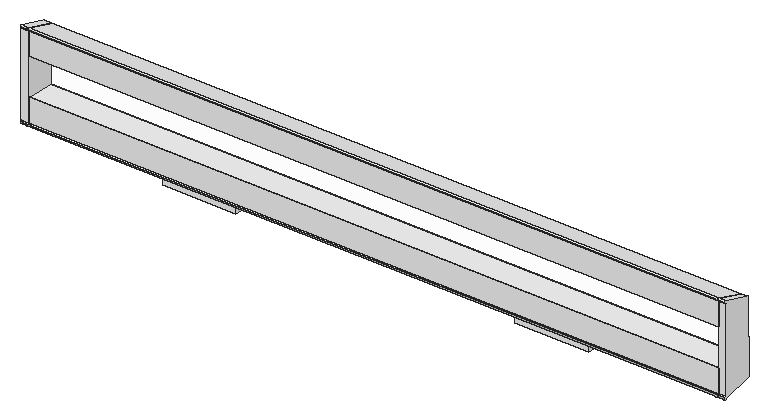
Revit family "SAE101-W", category Lighting Fixtures, host Face, Revit 2014
Parameters (values of type "SAE101-W-04")
  zz YesNo 1 = no
  zz Length 2 = 1' - 0"
  Wattage = 4 W
  Warranty = "5-Years Warranty"
  built-in parameter 1150110 = 1 (stored number, unit not read)
  Voltage = 120 V
  Type Comments = "Lighting FIxture"  # constant formula
  built-in parameter 1114217 = 1 (stored number, unit not read)
  Tilt Angle = -90.00°
  built-in parameter 1150109 = 1 (stored number, unit not read)
  built-in parameter 1150134 = (empty or 0)
  built-in parameter 1150113 = 1 (stored number, unit not read)
  Product Page URL = "https://www.hubbell.com/hubbelllightingci/en/Products/Lighting-Controls/Commercial-Indoor-Lighting/Wall-Mount/SAE101-Linear-Wall-IndirectDirect/p/2333029"
  Product Documentation Link = "https://hubbellcdn.com/specsheet/sae101_wall.pdf"
  Power Factor = 1
  Photometric Web File = "SAE101-W-ID-STD-4-SOF-CX-35K-I050-D040.ies"
  Photometric Notes = "More IES files download on Photometric Web Link"  # constant formula
  Photometric Link = "https://www.hubbell.com/hubbelllightingci/en/Products/Lighting-Controls/Commercial-Indoor-Lighting/Wall-Mount/SAE101-Linear-Wall-IndirectDirect/p/2333029"
  zz Length 1 = 4' - 0"
  Wattage Comments = "133 lumens/watt"  # constant formula
  URL = "http://www.litecontrol.com/"
  Mounting = "Wall Mount"  # constant formula
  Model = "SAE101-W"  # constant formula
  Manufacturer = "Litecontrol Lighting"  # constant formula
  built-in parameter 1150105 = 39.789 (stored number, unit not read)
  Lumens = 500 lm
  built-in parameter 1150115 = 1 (stored number, unit not read)
  Load Classification = Lighting
  built-in parameter 1150137 = (empty or 0)
  built-in parameter 1150139 = (empty or 0)
  built-in parameter 1150112 = 1 (stored number, unit not read)
  built-in parameter 1150114 = 1 (stored number, unit not read)
  Lamp = "LED's"  # constant formula
  built-in parameter 1150132 = (empty or 0)
  built-in parameter 1150102 = (empty or 0)
  built-in parameter 1150107 = 3500 (stored number, unit not read)
  built-in parameter 1150138 = (empty or 0)
  built-in parameter 1150106 = 0.39789 (stored number, unit not read)
  Glass = Hubbell - White Glass
  Fixture Distribution = "Indirect/Direct"  # constant formula
  Emit from Rectangle Width = 0' - 4"  # constant formula
  Emit from Rectangle Length = zz Length 1 - 0' 2"  # 3' - 10"
  Emit Shape Visible in Rendering = no
  built-in parameter 1150104 = 11.613 (stored number, unit not read)
  Downlight Diffuser = "Soft Glow Lens"  # constant formula
  Dimming Lamp Color Temperature Shift = <None>
  Description = "Linear Wall Indirect/Direct"  # constant formula
  Default Elevation = 4' - 0"
  Create Date = "05/03/2018"  # constant formula
  Copyright = "Copyright © 2018 Litecontrol"  # constant formula
  Contact Us = "https://www.hubbell.com/litecontrol/en/contactUs?productId=2644187"
  Color Filter = 16777215
  Circuiting = "1 Circuit/2 Circuit - Uplight/Downlight"  # constant formula
  built-in parameter 1114218 = 1 (stored number, unit not read)
  Housing Material = Paint - Hubbell - Matte White
  built-in parameter 1150133 = 10 (stored number, unit not read)
  Assembly Code = "D5020200"
  Apparent Load = 0 VA
Types (6): name | zz YesNo 1 | zz Length 2 | zz Length 1 | Emit from Rectangle Length
  (no name) | no | 1' - 0" | 4' - 0" | 3' - 10"
  SAE101-W-04 | no | 1' - 0" | 4' - 0" | 3' - 10"
  SAE101-W-02 | yes | 0' - 6" | 2' - 0" | 1' - 10"
  SAE101-W-03 | no | 0' - 6" | 3' - 0" | 2' - 10"
  SAE101-W-06 | no | 1' - 0" | 6' - 0" | 5' - 10"
  SAE101-W-08 | no | 1' - 0" | 8' - 0" | 7' - 10"
Reference planes (in)
  plane 1 "Center (Front/Back)": y = 13.01342
  plane 2: z = 0
  plane 3 "Center (Left/Right)": x = 0
Dimensions and locks (in)
  aligned and locked: plane 2 to host face
  aligned and locked: level to host face
  aligned and locked: plane 3 "Center (Left/Right)" to imposter light
  aligned and locked: plane 1 "Center (Front/Back)" to imposter light
  aligned and locked: nested 1 to plane 2
  aligned and locked: imposter light to nested 1
  aligned and locked: plane 3 "Center (Left/Right)" to nested 1
Nested families (in)
  nested 1: "101-W" at (-0.01104, 14.01342, 3.46001) x (1, 0, 0) z (0, -1, 0), Glass <- "Glass", Backbox <- "Housing Material", Length <- "zz Length 1", type "101-W"
    with zz Length 3 0' - 5", Length 4' - 0", Glass Hubbell - White Glass, Backbox Paint - Hubbell - Matte White, zz Length 2 1' - 0"
Connectors (in)
  electrical at (0, 13.05313, 0.77879), driven by "Load Classification", driven by "Voltage", driven by "Apparent Load", driven by "Power Factor"
    settings: on nested 1, index 1, voltage 120 V, apparent load 0 VA, apparent load phase1 0 VA, apparent load phase2 0 VA, apparent load phase3 0 VA, power factor 1, load classification "Lighting", number of poles 1, system type 30, power factor state 1, is connector primary yes, connector utility no, sub classification motor no, connector description "Electrical Connector"
Definition of nested family "101-W"
  Parameters (values of type "101-W")
    zz YesNo 2 = no
    zz YesNo 1 = not(zz YesNo 2)  # yes
    zz Length 3 [instance] = 0' - 5"
    zz Length 2 = 0' - 6"
    Wattage Comments = ""
    URL = ""
    Model = ""
    Manufacturer = ""
    Length [instance] = 4' - 0"
    Lamp = ""
    Glass [instance] = none
    Description = ""
    Default Elevation = 4' - 0"
    Backbox [instance] = none
    Apparent Load = 0 VA
  Reference planes (in)
    plane 1 "Center (Front/Back)": y = 0.03999
    plane 2: z = 0
    plane 3 "Center (Left/Right)": x = 0.01104
    plane 4: z = 2
    plane 5: z = 1.875
    plane 6: x = -23.98896
    plane 7: x = 24.01104
    plane 8: x = -23.48896
    plane 9: x = 23.51104
    plane 10: y = 1.28999
    plane 11: y = -1.21001
    plane 12: z = 0.125
    plane 13: y = -2.96001
    plane 14: y = 3.03999
    plane 15: y = 2.91499
    plane 16: y = -2.83501
    plane 17: y = -3.46001
    plane 18: x = -17.98896
    plane 19: x = -15.48896
    plane 20: x = -20.48896
    plane 21: x = 18.01104
    plane 22: x = 15.51104
    plane 23: x = 20.51104
    plane 24: x = 2.51104
    plane 25: x = -2.48896
  Forms (in)
    Extrusion 1, solid
      sketch origin (0, 0, 0.06357) x (1, 0, 0) y (0, 1, 0)
        loop
          line (-48, 48) -> (-48, -48) -> (48, -48) -> (48, 48) -> (-48, 48)
      from -0.06357 to -12.81105
    Extrusion 2, solid, material <- "Backbox"
      sketch origin (23.51104, -180, 29.46954) x (0, 0, 1) y (0, -1, 0)
        loop
          line (-29.46954, -182.48405) -> (-27.54897, -183.03835)
          arc (-27.54897, -183.03835) -> (-27.47937, -183.01257) -> (-27.48349, -182.93845) r 0.0625
          line (-27.48349, -182.93845) -> (-27.55342, -182.85397) -> (-27.55342, -177.22601) -> (-27.48349, -177.14153)
          arc (-27.48349, -177.14153) -> (-27.47937, -177.06742) -> (-27.54897, -177.04163) r 0.0625
          line (-27.54897, -177.04163) -> (-29.46954, -177.59593) -> (-29.46954, -182.48405)
      from 0 to 0.5
    Extrusion 3, solid, material <- "Backbox"
      sketch origin (-23.48896, -180, 28.85133) x (0, 0, 1) y (0, -1, 0)
        loop
          line (-28.85133, -182.48405) -> (-26.93076, -183.03835)
          arc (-26.93076, -183.03835) -> (-26.86116, -183.01257) -> (-26.86528, -182.93845) r 0.0625
          line (-26.86528, -182.93845) -> (-26.93521, -182.85397) -> (-26.93521, -177.22601) -> (-26.86528, -177.14153)
          arc (-26.86528, -177.14153) -> (-26.86116, -177.06742) -> (-26.93076, -177.04163) r 0.0625
          line (-26.93076, -177.04163) -> (-28.85133, -177.59593) -> (-28.85133, -182.48405)
      from 0 to -0.5
    Extrusion 4, solid, material <- "Glass"
      sketch origin (-23.78896, 8.13374, 2) x (0, -1, 0) y (1, 0, 0)
        loop
          line (6.84375, 0.3) -> (9.34375, 0.3) -> (9.34375, 47.3) -> (6.84375, 47.3) -> (6.84375, 0.3)
      from -0.125 to -1.875
    Extrusion 5, solid, material <- "Backbox"
      sketch origin (0.01104, 0, 0) x (0, 1, 0) y (0, 0, 1)
        loop
          line (2.48405, 0) -> (3.03835, 1.92057)
          arc (3.03835, 1.92057) -> (3.01257, 1.99018) -> (2.93845, 1.98605) r 0.0625
          line (2.93845, 1.98605) -> (2.85397, 1.91613) -> (1.28999, 1.91613) -> (1.28999, 0) -> (2.48405, 0)
        loop
          line (-2.40407, 0) -> (-1.21001, 0) -> (-1.21001, 1.91613) -> (-2.77399, 1.91613) -> (-2.85847, 1.98605)
          arc (-2.85847, 1.98605) -> (-2.93258, 1.99018) -> (-2.95837, 1.92057) r 0.0625
          line (-2.95837, 1.92057) -> (-2.40407, 0)
      from -23.5 to 23.5
    Extrusion 6, solid, material <- "Backbox", visible <- "zz YesNo 1"
      sketch origin (0.01104, 0, 0) x (0, 1, 0) y (0, 0, 1)
        loop
          line (-2.90473, 1.73472) -> (-3.46001, 1.73472) -> (-3.46001, 0.125) -> (-2.44014, 0.125) -> (-2.90473, 1.73472)
      from -20.5 to -15.5
    Extrusion 7, solid, material <- "Backbox", visible <- "zz YesNo 1"
      sketch origin (0.01104, 0, 0) x (0, 1, 0) y (0, 0, -1)
        loop
          line (-2.90473, -1.73472) -> (-2.44014, -0.125) -> (-3.46001, -0.125) -> (-3.46001, -1.73472) -> (-2.90473, -1.73472)
      from -20.5 to -15.5
    Extrusion 8, solid, material <- "Backbox", visible <- "zz YesNo 2"
      sketch origin (-16.89842, 0, 0) x (0, 1, 0) y (0, 0, -1)
        loop
          line (-2.90473, -1.73472) -> (-2.44014, -0.125) -> (-3.46001, -0.125) -> (-3.46001, -1.73472) -> (-2.90473, -1.73472)
      from -19.40946 to -14.40946
  Cuts and joins
    joined: Extrusion 2, Extrusion 3
  Dimensions and locks (in)
    plane 4 to Extrusion 1 = 0' - 2"
    "Length": plane 7 to plane 6
    locked: plane 8 to plane 6 at 0.5
    locked: plane 7 to plane 9 at 0.5
    equal spacing: plane 7, plane 3 "Center (Left/Right)", plane 6
    locked: plane 12 to Extrusion 1 at 0.125
    plane 10 to plane 11 = 0' - 2 1/2"
    equal spacing: plane 10, plane 1 "Center (Front/Back)", plane 11
    locked: plane 14 to plane 15 at 0.125
    locked: plane 16 to plane 13 at 0.125
    plane 13 to plane 14 = 0' - 6"
    plane 13 to plane 1 "Center (Front/Back)" = 0' - 3"
    equal spacing: plane 14, plane 1 "Center (Front/Back)", plane 13
    locked: plane 4 to plane 5 at 0.125
    plane 14 to plane 17 = 0' - 6 1/2"
    equal spacing: plane 20, plane 18, plane 19
    "zz Length 2": plane 6 to plane 18
    equal spacing: plane 23, plane 21, plane 22
    "zz Length 2": plane 21 to plane 7
    plane 25 to plane 24 = 0' - 5"
    "zz Length 3": plane 20 to plane 19
    "zz Length 3": plane 22 to plane 23
    aligned and locked: plane 2 to Extrusion 1
    aligned and locked: plane 7 to cut or joined group of Extrusion 2, Extrusion 3
    aligned and locked: cut or joined group of Extrusion 2, Extrusion 3 to plane 6
    aligned and locked: Extrusion 5 to plane 8
    aligned and locked: plane 9 to Extrusion 5
    aligned and locked: plane 10 to Extrusion 4 sketch curve
    aligned and locked: plane 11 to Extrusion 4 sketch curve
    aligned and locked: Extrusion 3 to Extrusion 4
    aligned and locked: Extrusion 2 to Extrusion 4
    aligned and locked: Extrusion 2 to plane 9
    aligned and locked: plane 5 to Extrusion 4
    aligned and locked: plane 8 to Extrusion 3
    aligned and locked: Extrusion 5 sketch curve to plane 10
    aligned and locked: plane 2 to Extrusion 5 sketch curve
    aligned and locked: Extrusion 5 sketch curve to plane 2
    aligned and locked: plane 11 to Extrusion 5 sketch curve
    aligned and locked: Extrusion 6 to plane 20
    aligned and locked: Extrusion 6 to plane 19
    aligned and locked: Extrusion 7 to plane 22
    aligned and locked: Extrusion 7 to plane 23
    aligned and locked: Extrusion 8 to plane 25
    aligned and locked: Extrusion 8 to plane 24
  Automatic sketch dimensions
    Extrusion 1 sketch curve to Extrusion 1 sketch curve = 8' - 0"  (x2)
    Extrusion 2 sketch curve to level = 0' - 0"
    plane 5 to Extrusion 2 sketch curve = 0' - 0.04113"
    Extrusion 2 sketch curve to plane 14 = 0' - 0.00164"
    plane 5 to Extrusion 2 sketch curve = 0' - 0.04557"  (x2)
    Extrusion 2 sketch curve to plane 13 = 0' - 0.00164"
    Extrusion 2 sketch curve to plane 4 = 0' - 0.0621"  (x2)
    Extrusion 2 sketch curve to plane 4 = 0' - 0.01395"  (x2)
    Extrusion 2 sketch curve to plane 14 = 0' - 0.06169"
    plane 15 to Extrusion 2 sketch curve = 0' - 0.06102"
    plane 15 to Extrusion 2 sketch curve = 0' - 0.43094"
    plane 16 to Extrusion 2 sketch curve = 0' - 0.43094"
    plane 16 to Extrusion 2 sketch curve = 0' - 0.06102"
    Extrusion 2 sketch curve to plane 16 = 0' - 0.02346"
    Extrusion 3 sketch curve to level = 0' - 0"
    plane 5 to Extrusion 3 sketch curve = 0' - 0.04113"
    Extrusion 3 sketch curve to plane 14 = 0' - 0.00164"
    plane 5 to Extrusion 3 sketch curve = 0' - 0.04557"  (x2)
    Extrusion 3 sketch curve to plane 13 = 0' - 0.00164"
    Extrusion 3 sketch curve to plane 4 = 0' - 0.0621"  (x2)
    Extrusion 3 sketch curve to plane 4 = 0' - 0.01395"  (x2)
    Extrusion 3 sketch curve to plane 14 = 0' - 0.06169"
    plane 15 to Extrusion 3 sketch curve = 0' - 0.06102"
    plane 15 to Extrusion 3 sketch curve = 0' - 0.43094"
    plane 16 to Extrusion 3 sketch curve = 0' - 0.43094"
    plane 16 to Extrusion 3 sketch curve = 0' - 0.06102"
    Extrusion 3 sketch curve to plane 16 = 0' - 0.02346"
    Extrusion 4 sketch curve to plane 8 = 0' - 0"
    Extrusion 4 sketch curve to plane 9 = 0' - 0"
    plane 16 to Extrusion 5 sketch curve = 0' - 0.43094"
    plane 16 to Extrusion 5 sketch curve = 0' - 0.06102"
    Extrusion 5 sketch curve to plane 16 = 0' - 0.02346"
    Extrusion 5 sketch curve to plane 13 = 0' - 0.06169"
    Extrusion 5 sketch curve to plane 13 = 0' - 0.00164"
    plane 15 to Extrusion 5 sketch curve = 0' - 0.43094"
    plane 15 to Extrusion 5 sketch curve = 0' - 0.06102"
    Extrusion 5 sketch curve to plane 15 = 0' - 0.02346"
    Extrusion 5 sketch curve to plane 14 = 0' - 0.06169"
    Extrusion 5 sketch curve to plane 14 = 0' - 0.00164"
    plane 5 to Extrusion 5 sketch curve = 0' - 0.04113"  (x2)
    plane 5 to Extrusion 5 sketch curve = 0' - 0.04557"  (x2)
    Extrusion 5 sketch curve to plane 4 = 0' - 0.0621"  (x2)
    Extrusion 6 sketch curve to plane 17 = 0' - 0"
    Extrusion 6 sketch curve to plane 12 = 0' - 0"
    Extrusion 6 sketch curve to plane 13 = 0' - 0.05528"
    plane 16 to Extrusion 6 sketch curve = 0' - 0.39487"
    Extrusion 6 sketch curve to plane 5 = 0' - 0.14028"
    Extrusion 7 sketch curve to plane 17 = 0' - 0"
    Extrusion 7 sketch curve to plane 12 = 0' - 0"
    Extrusion 7 sketch curve to plane 13 = 0' - 0.05528"
    plane 16 to Extrusion 7 sketch curve = 0' - 0.39487"
    Extrusion 7 sketch curve to plane 5 = 0' - 0.14028"
    Extrusion 8 sketch curve to plane 17 = 0' - 0"
    Extrusion 8 sketch curve to plane 12 = 0' - 0"
    Extrusion 8 sketch curve to plane 13 = 0' - 0.05528"
    plane 16 to Extrusion 8 sketch curve = 0' - 0.39487"
    Extrusion 8 sketch curve to plane 5 = 0' - 0.14028"
